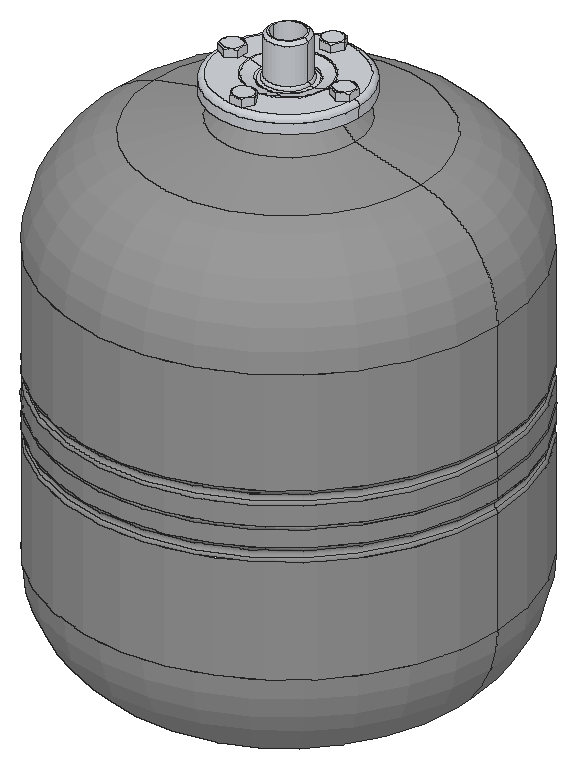
Revit family "WDV 18", category Оборудование, Revit 2014
Parameters
  Описание = "Мембранный бак для ГВС V=18л, Py=12бар, 3/4\""
  Материал крышки = Черная резина
  Материал = Белая краска
  Масса кг = "2.95"
  Крышка [instance] = yes
  Комментарии к типоразмеру = "WDV 18"
  Изготовитель = "WESTER"  # constant formula
  URL = "http://www.wester.su/"
Reference planes
  plane 1 "По центру (Вперед/Назад)": y = 0
  plane 2: z = 0
  plane 3 "По центру (Влево/Вправо)": x = 0
  plane 4: z = 161.5
Forms (mm)
  Revolve 1, solid, material "Белая краска" <- "Материал"
    sketch origin (-161.5, 0, 141.055) x (0, 0, -1) y (1, 0, 0)
      loop
        line (54.946, 301.504) -> (-15.622, 301.504)
        arc (-15.622, 301.504) -> (-16.886, 301.194) -> (-17.864, 300.336) r 2.737
        arc (-17.864, 300.336) -> (-19.971, 299.111) -> (-22.101, 300.295) r 2.465
        arc (-22.101, 300.295) -> (-23.087, 301.183) -> (-24.374, 301.504) r 2.741
        line (-24.374, 301.504) -> (-35.283, 301.504)
        arc (-35.283, 301.504) -> (-36.136, 301.772) -> (-36.989, 301.504) r 1.491
        line (-36.989, 301.504) -> (-49.604, 301.504)
        arc (-49.604, 301.504) -> (-50.891, 301.183) -> (-51.877, 300.295) r 2.741
        arc (-51.877, 300.295) -> (-54.007, 299.111) -> (-56.114, 300.336) r 2.465
        arc (-56.114, 300.336) -> (-57.092, 301.194) -> (-58.356, 301.504) r 2.737
        line (-58.356, 301.504) -> (-128.001, 301.504)
        arc (-128.001, 301.504) -> (-170.022, 287.497) -> (-195.237, 251.081) r 70.04
        arc (-195.237, 251.081) -> (-200.87, 228.789) -> (-204.868, 206.147) r 316.121
        line (-204.868, 206.147) -> (-220.443, 190.572) -> (-220.443, 161.5) -> (124.057, 161.5) -> (124.057, 168.355)
        arc (124.057, 168.355) -> (124.128, 168.929) -> (124.385, 169.448) r 1.727
        line (124.385, 169.448) -> (133.11, 181.457)
        arc (133.11, 181.457) -> (133.947, 183.297) -> (133.994, 185.319) r 5.05
        arc (133.994, 185.319) -> (129.842, 218.58) -> (122.141, 251.204) r 311.646
        arc (122.141, 251.204) -> (96.914, 287.536) -> (54.946, 301.504) r 70.032
      axis (-220.443, 161.5) -> (133.994, 161.5)
    angle from 0 to 360
  Revolve 2, solid
    sketch origin (0, 0, 92.939) x (1, 0, 0) y (0, 0, 1)
      loop
        line (0, 268.559) -> (47.492, 268.559) -> (47.492, 274.974)
        arc (47.492, 274.974) -> (46.496, 277.464) -> (44.023, 278.5) r 3.47
        line (44.023, 278.5) -> (26.157, 278.5)
        arc (26.157, 278.5) -> (25.726, 278.448) -> (25.304, 278.35) r 3.918
        line (25.304, 278.35) -> (17.835, 276.159)
        arc (17.835, 276.159) -> (17.456, 276.04) -> (17.06, 276) r 1.968
        line (17.06, 276) -> (14.531, 276)
        arc (14.531, 276) -> (14.187, 277.207) -> (13.224, 278.012) r 2.132
        line (13.224, 278.012) -> (13.224, 302.006) -> (11.23, 304) -> (10.273, 304) -> (10.273, 278.5) -> (0, 278.5) -> (0, 268.559)
      axis (0, 304) -> (0, 268.559)
    angle from 0 to 360
  Revolve 3, solid
    sketch origin (0, 0, 0) x (1, 0, 0) y (0, 0, 1)
      loop
        line (3.985, 0.986) -> (3.985, 12.498) -> (6.063, 12.498) -> (6.063, 16.998) -> (0, 16.998) -> (0, 3.844) -> (1.586, 3.844) -> (2.15, 3.281) -> (2.15, -0.002) -> (2.997, -0.002) -> (3.985, 0.986)
      axis (0, 16.998) -> (0, -0.002)
    angle from 0 to 360
  Revolve 4, solid, material "Черная резина" <- "Материал крышки", visible <- "Крышка"
    sketch origin (0, 0, 0) x (1, 0, 0) y (0, 0, 1)
      loop
        line (0, -1.542) -> (0, 16.998) -> (-6.855, 16.998) -> (-23.238, 5.527) -> (-16.17, -1.542) -> (0, -1.542)
      axis (0, 16.998) -> (0, -1.542)
    angle from 0 to 360
Dimensions and locks
  aligned and locked: level to plane 2
Nested families
  nested 1: "Болт" at (-0.008, -37.5, 371.498) x (-0.5, -0.866, 0) z (0, 0, 1), type "Болт"
  nested 2: "Болт" at (37.5, 0.027, 371.498) x (0, -1, 0) z (0, 0, 1), type "Болт"
  nested 3: "Болт" at (-37.5, 0.008, 371.498) x (0, -1, 0) z (0, 0, 1), type "Болт"
  nested 4: "Болт" at (0.008, 37.5, 371.498) x (-0.5, -0.866, 0) z (0, 0, 1), type "Болт"
Connectors
  piping at (0, 0, 396.939), diameter 20
    settings: on Revolve 2, index 1, connector inside diameter 609.6 mm, connector length 0 mm, flow factor 0, pipe flow 0.0 L/s, pressure drop 0.0 Pa, fitting loss kfactor 0, connector angle 0.00°, fixture units 0, engagement length 0 mm, angle of deflection 0.00°, flow configuration 1, flow direction 0, fitting loss method 0, system type 29, joint type 0, gender type 0, connector reference index -1, connector utility 0, adjustable connector no, is connector primary yes, connector description ""
Definition of nested family "Болт"
  Parameters (values of type "Болт")
    Default Elevation = 1219.2 mm
  Reference planes
    plane 1 "По центру (Вперед/Назад)": y = 0
    plane 2: z = 0
    plane 3 "По центру (Влево/Вправо)": x = 0
  Forms (mm)
    Extrusion 1, solid
      sketch origin (0, 0, 0) x (1, 0, 0) y (0, 1, 0)
        loop
          line (-1219.2, 1219.2) -> (-1219.2, -1219.2) -> (1219.2, -1219.2) -> (1219.2, 1219.2) -> (-1219.2, 1219.2)
      from 0 to -304.8
    Extrusion 2, solid, detail levels medium+fine
      sketch origin (0, 0, 0) x (0, 1, 0) y (-1, 0, 0)
        loop
          line (-6.5, -3.753) -> (0, -7.506) -> (6.5, -3.753) -> (6.5, 3.753) -> (0, 7.506) -> (-6.5, 3.753) -> (-6.5, -3.753)
      from 0 to 5.3
    Extrusion 3, solid, detail levels medium+fine
      sketch origin (0, 0, 0) x (1, 0, 0) y (0, 1, 0)
        loop
          circle (0, 0) r 4
      from -14 to 0
    Revolve 4, void
      sketch origin (0, 0, 0) x (1, 0, 0) y (0, 0, 1)
        loop
          line (-7.506, 4.447) -> (-6.413, 5.3) -> (-7.506, 5.3) -> (-7.506, 4.447)
        axis (0, 5.3) -> (0, 4.3)
      angle from 0 to 360
    Revolve 5, void
      sketch origin (0, 0, 0) x (1, 0, 0) y (0, 0, 1)
        loop
          line (-4, -14) -> (-2.365, -14) -> (-4, -12.365) -> (-4, -14)
        axis (0, -12.365) -> (0, -14)
      angle from 0 to 360
  Cuts and joins
    Revolve 4 cuts Extrusion 2
    Revolve 5 cuts Extrusion 3
    joined: Extrusion 2, Extrusion 3
  Dimensions and locks
    aligned and locked: plane 2 to Extrusion 1
    aligned and locked: level to Extrusion 1
    aligned and locked: Revolve 4 sketch curve to plane 3 "По центру (Влево/Вправо)"
    aligned and locked: cut or joined group of Extrusion 2, Extrusion 3, Revolve 4, Revolve 5 to Revolve 4 sketch curve
